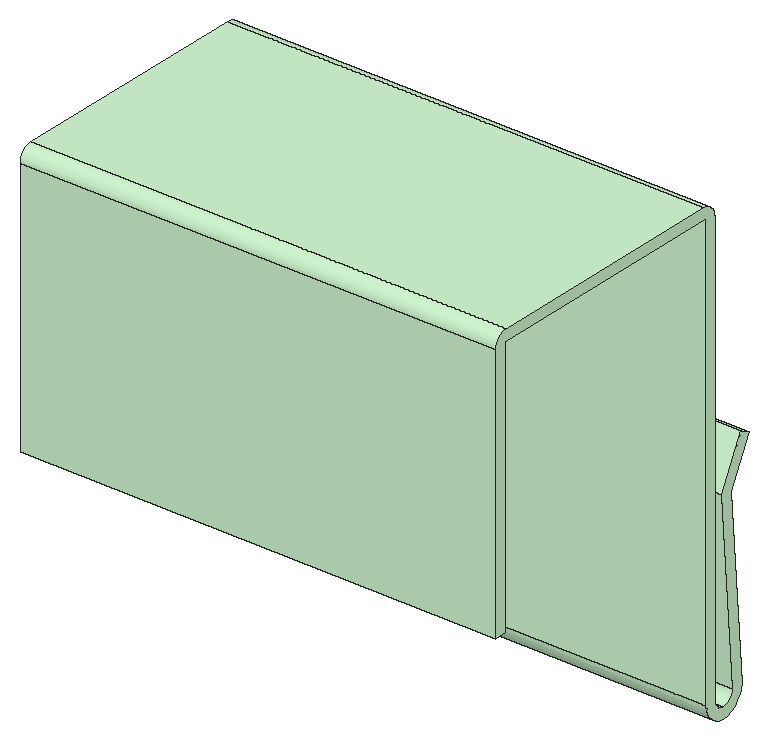
Revit family "SQ-スペーサーW20", category 機械設備, Revit 2020
Family settings
  丸型コネクタ寸法 = 直径を使用
  種別 = なし
  パーツ タイプ = 標準
  作業面ベース = いいえ
  常に垂直 = はい
  ロード時にボイドで切り取り = いいえ
  共有 = いいえ
  部屋計算ポイント = いいえ
Parameters
  製造元 = "株式会社桐井製作所"
  既定の高さ = 0 mm
  URL = "https://www.kirii.co.jp/"
  K_材質 = "溶融亜鉛めっき鋼板"
  K_品名 = "SQ-スペーサーW20"
  K_名称 = "SQ-BAR関連部材"
  K_入数 = "500"
  K_バージョン情報 = "20210524"
Reference planes
  plane 1 "中心(正面/背面)": y = 0
  plane 2: z = 0
  plane 3 "中心(左/右)": x = 0
Forms (mm)
  Extrusion 1, solid
    sketch origin (-17.5, 0, 0) x (0, 1, 0) y (0, 0, 1)
      loop
        line (-1.685, 34.5) -> (-19.785, 34.5)
        arc (-19.785, 34.5) -> (-20.494, 34.206) -> (-20.785, 33.496) r 1
        line (-20.785, 33.496) -> (-20.785, 14.5) -> (-19.985, 14.5) -> (-19.985, 33.7) -> (-1.485, 33.7) -> (-1.485, 1.6)
        arc (-1.485, 1.6) -> (-0.957, 0.494) -> (0.165, 0) r 1.763
        arc (0.165, 0) -> (1.286, 0.494) -> (1.815, 1.6) r 1.763
        line (1.815, 1.6) -> (0.815, 14.7) -> (2.436, 17.942) -> (1.72, 18.3) -> (0, 14.86) -> (1.013, 1.588)
        arc (1.013, 1.588) -> (0.733, 1.039) -> (0.165, 0.8) r 0.897
        arc (0.165, 0.8) -> (-0.408, 1.043) -> (-0.685, 1.6) r 0.897
        line (-0.685, 1.6) -> (-0.685, 33.5)
        arc (-0.685, 33.5) -> (-0.978, 34.207) -> (-1.685, 34.5) r 1
    from 0 to 35
Dimensions and locks
  aligned and locked: level to plane 2
